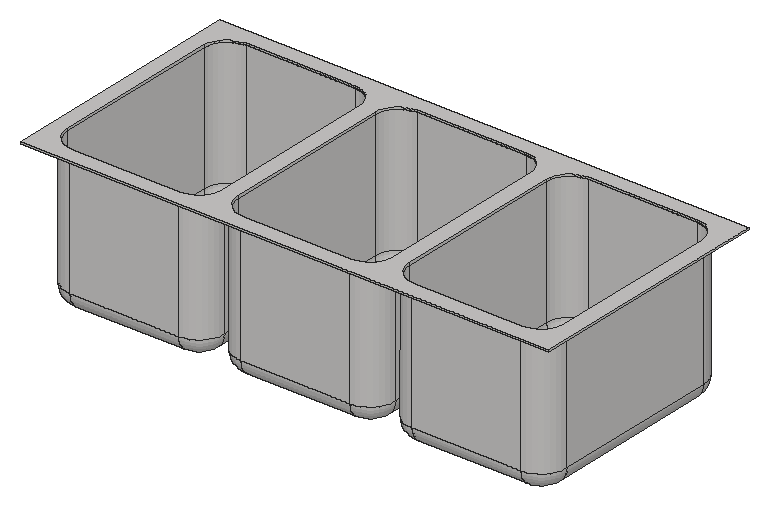
Revit family "QF_Vollrath_10103-1", category Specialty Equipment, Revit 2016
Family settings
  Part Type = Normal
  Round Connector Dimension = Use Diameter
  OmniClass Number = 23.40.40.14.31
  OmniClass Title = Cleaning and Disposal Equipment
  Work Plane-Based = Yes
  Always vertical = Yes
  Cut with Voids When Loaded = No
  Shared = No
  Room Calculation Point = No
Parameters
  Width = 2' - 10"
  Weight in Pounds = 0
  Watermarked By = "http://revitwatermark.com"
  URL Cutsheet = ""
  Status [instance] = ""
  Specification by User [instance] = ""
  Specification by Manufacturer [instance] = ""
  Sink Width = 2' - 8"
  Sink Depth = 1' - 2"
  Sink Basin Depth = 0' - 9 1/4"
  Serial Number [instance] = ""
  Seismic Rating [instance] = ""
  SMACNA No [instance] = ""
  Revision Code [instance] = ""
  NAFEM Spec ID Number [instance] = ""
  Model = "10103-1"
  Masterspec [instance] = ""
  Manufacturer = "Vollrath"
  Item Number [instance] = "-"
  Installed By [instance] = ""
  Indirect Waste Size = 2"
  Indirect Waste Flow [instance] = 0.00 GPM
  Indirect Waste Connection Type [instance] = ""
  Indirect Waste Connection Height [instance] = 0' - 0"
  Furnished By [instance] = ""
  Foodservice Equipment Identifier [instance] = yes
  Description = "Undermount Sink"  # constant formula
  Depth = 1' - 4"
  Default Elevation = 4' - 0"
  CSI MasterFormat = ""
Reference planes (in)
  plane 1 "BACK": y = 0
  plane 2 "BOTTOM": z = 0
  plane 3 "LEFT": x = 0
  plane 4 "RIGHT": x = 34
  plane 5 "FRONT": y = -16
  plane 6: x = 17
  plane 7: y = -8
  plane 8: y = -1
  plane 9: y = -15
  plane 10: x = 1
  plane 11: x = 33
  plane 12 "Sink Bottom": z = -9.25
  plane 13: x = 6
  plane 14: x = 28
  plane 15: x = 23
  plane 16: x = 11
  plane 17: x = 12
  plane 18: x = 22
  plane 19: y = -5.6875
Forms (in)
  Extrusion 1, solid, material "QF_Finishes_Stainless Steel"
    sketch origin (0, 0, 0) x (1, 0, 0) y (0, 1, 0)
      loop
        arc (1, -13.5) -> (1.43934, -14.56066) -> (2.5, -15) r 1.5
        line (2.5, -15) -> (9.5, -15)
        arc (9.5, -15) -> (10.56066, -14.56066) -> (11, -13.5) r 1.5
        line (11, -13.5) -> (11, -2.5)
        arc (11, -2.5) -> (10.56066, -1.43934) -> (9.5, -1) r 1.5
        line (9.5, -1) -> (2.5, -1)
        arc (2.5, -1) -> (1.43934, -1.43934) -> (1, -2.5) r 1.5
        line (1, -2.5) -> (1, -13.5)
      loop
        arc (33, -2.5) -> (32.56066, -1.43934) -> (31.5, -1) r 1.5
        line (31.5, -1) -> (24.5, -1)
        arc (24.5, -1) -> (23.43934, -1.43934) -> (23, -2.5) r 1.5
        line (23, -2.5) -> (23, -13.5)
        arc (23, -13.5) -> (23.43934, -14.56066) -> (24.5, -15) r 1.5
        line (24.5, -15) -> (31.5, -15)
        arc (31.5, -15) -> (32.56066, -14.56066) -> (33, -13.5) r 1.5
        line (33, -13.5) -> (33, -2.5)
      loop
        line (0, -16) -> (34, -16) -> (34, 0) -> (0, 0) -> (0, -16)
      loop
        arc (22, -2.5) -> (21.56066, -1.43934) -> (20.5, -1) r 1.5
        line (20.5, -1) -> (13.5, -1)
        arc (13.5, -1) -> (12.43934, -1.43934) -> (12, -2.5) r 1.5
        line (12, -2.5) -> (12, -13.5)
        arc (12, -13.5) -> (12.43934, -14.56066) -> (13.5, -15) r 1.5
        line (13.5, -15) -> (20.5, -15)
        arc (20.5, -15) -> (21.56066, -14.56066) -> (22, -13.5) r 1.5
        line (22, -13.5) -> (22, -2.5)
    from 0 to 0.125
  Sweep 2, solid, material "QF_Finishes_Stainless Steel"
    path in 3D
      loop
        arc (9.5, -1, 0.125) -> (10.56066, -1.43934, 0.125) -> (11, -2.5, 0.125) r 1.5
        line (11, -2.5, 0.125) -> (11, -13.5, 0.125)
        arc (11, -13.5, 0.125) -> (10.56066, -14.56066, 0.125) -> (9.5, -15, 0.125) r 1.5
        line (9.5, -15, 0.125) -> (2.5, -15, 0.125)
        arc (2.5, -15, 0.125) -> (1.43934, -14.56066, 0.125) -> (1, -13.5, 0.125) r 1.5
        line (1, -13.5, 0.125) -> (1, -2.5, 0.125)
        arc (1, -2.5, 0.125) -> (1.43934, -1.43934, 0.125) -> (2.5, -1, 0.125) r 1.5
        line (2.5, -1, 0.125) -> (9.5, -1, 0.125)
    profile origin (6, -1, 0.125) x (0, 1, 0) y (0, 0, 1)
      loop
        line (0.125, -0.125) -> (0, -0.125) -> (0, -8.25)
        arc (0, -8.25) -> (-0.29289, -8.95711) -> (-1, -9.25) r 1
        line (-1, -9.25) -> (-1, -9.375)
        arc (-1, -9.375) -> (-0.2045, -9.0455) -> (0.125, -8.25) r 1.125
        line (0.125, -8.25) -> (0.125, -0.125)
  Sweep 3, solid, material "QF_Finishes_Stainless Steel"
    path in 3D
      loop
        arc (20.5, -1, 0.125) -> (21.56066, -1.43934, 0.125) -> (22, -2.5, 0.125) r 1.5
        line (22, -2.5, 0.125) -> (22, -13.5, 0.125)
        arc (22, -13.5, 0.125) -> (21.56066, -14.56066, 0.125) -> (20.5, -15, 0.125) r 1.5
        line (20.5, -15, 0.125) -> (13.5, -15, 0.125)
        arc (13.5, -15, 0.125) -> (12.43934, -14.56066, 0.125) -> (12, -13.5, 0.125) r 1.5
        line (12, -13.5, 0.125) -> (12, -2.5, 0.125)
        arc (12, -2.5, 0.125) -> (12.43934, -1.43934, 0.125) -> (13.5, -1, 0.125) r 1.5
        line (13.5, -1, 0.125) -> (20.5, -1, 0.125)
    profile origin (17, -1, 0.125) x (0, 1, 0) y (0, 0, 1)
      loop
        line (0.125, -0.125) -> (0, -0.125) -> (0, -8.25)
        arc (0, -8.25) -> (-0.29289, -8.95711) -> (-1, -9.25) r 1
        line (-1, -9.25) -> (-1, -9.375)
        arc (-1, -9.375) -> (-0.2045, -9.0455) -> (0.125, -8.25) r 1.125
        line (0.125, -8.25) -> (0.125, -0.125)
  Sweep 4, solid, material "QF_Finishes_Stainless Steel"
    path in 3D
      loop
        arc (31.5, -1, 0.125) -> (32.56066, -1.43934, 0.125) -> (33, -2.5, 0.125) r 1.5
        line (33, -2.5, 0.125) -> (33, -13.5, 0.125)
        arc (33, -13.5, 0.125) -> (32.56066, -14.56066, 0.125) -> (31.5, -15, 0.125) r 1.5
        line (31.5, -15, 0.125) -> (24.5, -15, 0.125)
        arc (24.5, -15, 0.125) -> (23.43934, -14.56066, 0.125) -> (23, -13.5, 0.125) r 1.5
        line (23, -13.5, 0.125) -> (23, -2.5, 0.125)
        arc (23, -2.5, 0.125) -> (23.43934, -1.43934, 0.125) -> (24.5, -1, 0.125) r 1.5
        line (24.5, -1, 0.125) -> (31.5, -1, 0.125)
    profile origin (28, -1, 0.125) x (0, 1, 0) y (0, 0, 1)
      loop
        line (0.125, -0.125) -> (0, -0.125) -> (0, -8.25)
        arc (0, -8.25) -> (-0.29289, -8.95711) -> (-1, -9.25) r 1
        line (-1, -9.25) -> (-1, -9.375)
        arc (-1, -9.375) -> (-0.2045, -9.0455) -> (0.125, -8.25) r 1.125
        line (0.125, -8.25) -> (0.125, -0.125)
  Extrusion 5, solid, material "QF_Finishes_Stainless Steel"
    sketch origin (0, 0, -9.25) x (-1, 0, 0) y (0, -1, 0)
      loop
        line (-9.5, 2) -> (-2.5, 2)
        arc (-2.5, 2) -> (-2.14645, 2.14645) -> (-2, 2.5) r 0.5
        line (-2, 2.5) -> (-2, 13.5)
        arc (-2, 13.5) -> (-2.14645, 13.85355) -> (-2.5, 14) r 0.5
        line (-2.5, 14) -> (-9.5, 14)
        arc (-9.5, 14) -> (-9.85355, 13.85355) -> (-10, 13.5) r 0.5
        line (-10, 13.5) -> (-10, 2.5)
        arc (-10, 2.5) -> (-9.85355, 2.14645) -> (-9.5, 2) r 0.5
      loop
        line (-13, 2.5) -> (-13, 13.5)
        arc (-13, 13.5) -> (-13.14645, 13.85355) -> (-13.5, 14) r 0.5
        line (-13.5, 14) -> (-20.5, 14)
        arc (-20.5, 14) -> (-20.85355, 13.85355) -> (-21, 13.5) r 0.5
        line (-21, 13.5) -> (-21, 2.5)
        arc (-21, 2.5) -> (-20.85355, 2.14645) -> (-20.5, 2) r 0.5
        line (-20.5, 2) -> (-13.5, 2)
        arc (-13.5, 2) -> (-13.14645, 2.14645) -> (-13, 2.5) r 0.5
      loop
        line (-24.5, 14) -> (-31.5, 14)
        arc (-31.5, 14) -> (-31.85355, 13.85355) -> (-32, 13.5) r 0.5
        line (-32, 13.5) -> (-32, 2.5)
        arc (-32, 2.5) -> (-31.85355, 2.14645) -> (-31.5, 2) r 0.5
        line (-31.5, 2) -> (-24.5, 2)
        arc (-24.5, 2) -> (-24.14645, 2.14645) -> (-24, 2.5) r 0.5
        line (-24, 2.5) -> (-24, 13.5)
        arc (-24, 13.5) -> (-24.14645, 13.85355) -> (-24.5, 14) r 0.5
      loop
        circle (-28, 5.6875) r 1.75
      loop
        circle (-17, 5.6875) r 1.75
      loop
        circle (-6, 5.6875) r 1.75
    from 0 to 0.125
Lines and regions (in)
  sketch lines
    curve 1: line (2.5, -1, 0.125) -> (9.5, -1, 0.125)
    curve 2: arc (2.5, -1, 0.125) -> (1.43934, -1.43934, 0.125) -> (1, -2.5, 0.125) r 1.5
    curve 3: line (1, -13.5, 0.125) -> (1, -2.5, 0.125)
    curve 4: arc (1, -13.5, 0.125) -> (1.43934, -14.56066, 0.125) -> (2.5, -15, 0.125) r 1.5
    curve 5: line (9.5, -15, 0.125) -> (2.5, -15, 0.125)
    curve 6: arc (9.5, -15, 0.125) -> (10.56066, -14.56066, 0.125) -> (11, -13.5, 0.125) r 1.5
    curve 7: line (11, -2.5, 0.125) -> (11, -13.5, 0.125)
    curve 8: arc (11, -2.5, 0.125) -> (10.56066, -1.43934, 0.125) -> (9.5, -1, 0.125) r 1.5
    curve 9: line (13.5, -1, 0.125) -> (20.5, -1, 0.125)
    curve 10: arc (13.5, -1, 0.125) -> (12.43934, -1.43934, 0.125) -> (12, -2.5, 0.125) r 1.5
    curve 11: line (12, -13.5, 0.125) -> (12, -2.5, 0.125)
    curve 12: arc (12, -13.5, 0.125) -> (12.43934, -14.56066, 0.125) -> (13.5, -15, 0.125) r 1.5
    curve 13: line (20.5, -15, 0.125) -> (13.5, -15, 0.125)
    curve 14: arc (20.5, -15, 0.125) -> (21.56066, -14.56066, 0.125) -> (22, -13.5, 0.125) r 1.5
    curve 15: line (22, -2.5, 0.125) -> (22, -13.5, 0.125)
    curve 16: arc (22, -2.5, 0.125) -> (21.56066, -1.43934, 0.125) -> (20.5, -1, 0.125) r 1.5
    curve 17: line (24.5, -1, 0.125) -> (31.5, -1, 0.125)
    curve 18: arc (24.5, -1, 0.125) -> (23.43934, -1.43934, 0.125) -> (23, -2.5, 0.125) r 1.5
    curve 19: line (23, -13.5, 0.125) -> (23, -2.5, 0.125)
    curve 20: arc (23, -13.5, 0.125) -> (23.43934, -14.56066, 0.125) -> (24.5, -15, 0.125) r 1.5
    curve 21: line (31.5, -15, 0.125) -> (24.5, -15, 0.125)
    curve 22: arc (31.5, -15, 0.125) -> (32.56066, -14.56066, 0.125) -> (33, -13.5, 0.125) r 1.5
    curve 23: line (33, -2.5, 0.125) -> (33, -13.5, 0.125)
    curve 24: arc (33, -2.5, 0.125) -> (32.56066, -1.43934, 0.125) -> (31.5, -1, 0.125) r 1.5
  symbolic lines
    curve 25: line (0, 0, -9.25) -> (34, 0, -9.25)
    curve 26: line (0, -16, -9.25) -> (0, 0, -9.25)
    curve 27: line (34, -16, -9.25) -> (0, -16, -9.25)
    curve 28: line (34, 0, -9.25) -> (34, -16, -9.25)
  symbolic lines, style "QF_Surface Details"
    curve 29: circle (6, -5.6875, -9.25) r 1.75 normal (0, 0, -1)
    curve 30: circle (17, -5.6875, -9.25) r 1.75 normal (0, 0, -1)
    curve 31: circle (28, -5.6875, -9.25) r 1.75 normal (0, 0, -1)
    curve 32: line (9.5, -1, -9.25) -> (2.5, -1, -9.25)
    curve 33: arc (1, -2.5, -9.25) -> (1.43934, -1.43934, -9.25) -> (2.5, -1, -9.25) r 1.5
    curve 34: line (1, -2.5, -9.25) -> (1, -13.5, -9.25)
    curve 35: arc (2.5, -15, -9.25) -> (1.43934, -14.56066, -9.25) -> (1, -13.5, -9.25) r 1.5
    curve 36: line (2.5, -15, -9.25) -> (9.5, -15, -9.25)
    curve 37: arc (11, -13.5, -9.25) -> (10.56066, -14.56066, -9.25) -> (9.5, -15, -9.25) r 1.5
    curve 38: line (11, -13.5, -9.25) -> (11, -2.5, -9.25)
    curve 39: arc (9.5, -1, -9.25) -> (10.56066, -1.43934, -9.25) -> (11, -2.5, -9.25) r 1.5
    curve 40: arc (12, -2.5, -9.25) -> (12.43934, -1.43934, -9.25) -> (13.5, -1, -9.25) r 1.5
    curve 41: line (20.5, -1, -9.25) -> (13.5, -1, -9.25)
    curve 42: line (12, -2.5, -9.25) -> (12, -13.5, -9.25)
    curve 43: arc (13.5, -15, -9.25) -> (12.43934, -14.56066, -9.25) -> (12, -13.5, -9.25) r 1.5
    curve 44: line (13.5, -15, -9.25) -> (20.5, -15, -9.25)
    curve 45: arc (22, -13.5, -9.25) -> (21.56066, -14.56066, -9.25) -> (20.5, -15, -9.25) r 1.5
    curve 46: line (22, -13.5, -9.25) -> (22, -2.5, -9.25)
    curve 47: arc (20.5, -1, -9.25) -> (21.56066, -1.43934, -9.25) -> (22, -2.5, -9.25) r 1.5
    curve 48: arc (23, -2.5, -9.25) -> (23.43934, -1.43934, -9.25) -> (24.5, -1, -9.25) r 1.5
    curve 49: line (31.5, -1, -9.25) -> (24.5, -1, -9.25)
    curve 50: line (23, -2.5, -9.25) -> (23, -13.5, -9.25)
    curve 51: arc (24.5, -15, -9.25) -> (23.43934, -14.56066, -9.25) -> (23, -13.5, -9.25) r 1.5
    curve 52: line (24.5, -15, -9.25) -> (31.5, -15, -9.25)
    curve 53: arc (33, -13.5, -9.25) -> (32.56066, -14.56066, -9.25) -> (31.5, -15, -9.25) r 1.5
    curve 54: line (33, -13.5, -9.25) -> (33, -2.5, -9.25)
    curve 55: arc (31.5, -1, -9.25) -> (32.56066, -1.43934, -9.25) -> (33, -2.5, -9.25) r 1.5
Dimensions and locks (in)
  "Width": plane 3 "LEFT" to plane 4 "RIGHT"
  "Depth": plane 5 "FRONT" to plane 1 "BACK"
  "Sink Depth": plane 8 to plane 9
  equal spacing: plane 3 "LEFT", plane 6, plane 4 "RIGHT"
  equal spacing: plane 10, plane 6, plane 11
  "Sink Width": plane 10 to plane 11
  "Sink Basin Depth": level to plane 12 "Sink Bottom"
  equal spacing: plane 8, plane 7, plane 9
  plane 1 "BACK" to plane 8 = 0' - 1"
  plane 9 to plane 5 "FRONT" = 0' - 1"
  locked: plane 3 "LEFT" to plane 10 at 1
  plane 11 to plane 4 "RIGHT" = 0' - 1"
  equal spacing: plane 15, plane 14, plane 11
  equal spacing: plane 10, plane 13, plane 16
  equal spacing: plane 17, plane 6, plane 18
  plane 16 to plane 17 = 0' - 1"
  plane 18 to plane 15 = 0' - 1"
  plane 8 to plane 19 = 0' - 4 11/16"
  aligned and locked: level to plane 2 "BOTTOM"
  aligned and locked: Extrusion 1 sketch curve to plane 3 "LEFT"
  aligned and locked: plane 5 "FRONT" to Extrusion 1 sketch curve
  aligned and locked: plane 4 "RIGHT" to Extrusion 1 sketch curve
  aligned and locked: Extrusion 1 sketch curve to plane 1 "BACK"
  aligned and locked: Extrusion 5 sketch curve to Sweep 2  (x4)
  aligned and locked: Extrusion 5 sketch curve to Sweep 3  (x4)
  aligned and locked: Extrusion 5 sketch curve to Sweep 4  (x4)
Automatic sketch dimensions
  Extrusion 1 sketch curve to plane 9 = 0' - 0"  (x3)
  Extrusion 1 sketch curve to plane 8 = 0' - 0"  (x3)
  Extrusion 1 sketch curve to Extrusion 1 sketch curve = 0' - 1 1/2"  (x5)
  plane 10 to Extrusion 1 sketch curve = 0' - 1 1/2"
  Extrusion 1 sketch curve to plane 8 = 0' - 1 1/2"  (x4)
  Extrusion 1 sketch curve to Extrusion 1 sketch curve = 0' - 7"
  Extrusion 1 sketch curve to Extrusion 1 sketch curve = 0' - 1"  (x2)
  plane 6 to Extrusion 1 sketch curve = 0' - 3 1/2"  (x2)
  Extrusion 1 sketch curve to plane 11 = 0' - 1 1/2"
  Extrusion 1 sketch curve to plane 10 = 0' - 0"
  Extrusion 1 sketch curve to plane 11 = 0' - 0"
  Sweep 2 sketch curve to Sweep 2 sketch curve = 0' - 0"  (x2)
  Sweep 2 sketch curve to profile plane = 0' - 0"
  profile plane to Sweep 2 sketch curve = 0' - 1"
  Sweep 2 sketch curve to Sweep 2 sketch curve = 0' - 0 1/8"
  Sweep 2 sketch curve to profile plane = 0' - 0 1/8"
  Sweep 2 sketch curve to Sweep 2 sketch curve = 0' - 8 1/8"
  Sweep 3 sketch curve to Sweep 3 sketch curve = 0' - 0"
  Sweep 3 sketch curve to profile plane = 0' - 0"
  profile plane to Sweep 3 sketch curve = 0' - 1"
  Sweep 3 sketch curve to Sweep 3 sketch curve = 0' - 0 1/8"
  Sweep 3 sketch curve to profile plane = 0' - 9 3/8"
  Sweep 3 sketch curve to profile plane = 0' - 0 1/8"
  Sweep 4 sketch curve to Sweep 4 sketch curve = 0' - 0"
  Sweep 4 sketch curve to profile plane = 0' - 0"
  profile plane to Sweep 4 sketch curve = 0' - 1"
  Sweep 4 sketch curve to Sweep 4 sketch curve = 0' - 0 1/8"
  Sweep 4 sketch curve to profile plane = 0' - 9 3/8"
  Sweep 4 sketch curve to profile plane = 0' - 0 1/8"
  plane 7 to Extrusion 5 sketch curve = 0' - 2 5/16"  (x3)
  Extrusion 5 sketch curve to plane 14 = 0' - 0"
  Extrusion 5 sketch curve to plane 6 = 0' - 0"
  Extrusion 5 sketch curve to plane 13 = 0' - 0"
  Extrusion 5 sketch curve to Extrusion 5 sketch curve = 0' - 0 1/2"  (x12)
  plane 1 "BACK" to curve 25 = 0' - 0"
  curve 25 to plane 4 "RIGHT" = 0' - 0"
  curve 31 to plane 14 = 0' - 0"
  curve 30 to plane 6 = 0' - 0"
  curve 29 to plane 13 = 0' - 0"
  curve 26 to plane 3 "LEFT" = 0' - 0"
  curve 31 to plane 19 = 0' - 0"
  curve 29 to plane 19 = 0' - 0"
  curve 30 to plane 19 = 0' - 0"
  plane 5 "FRONT" to curve 27 = 0' - 0"
  curve 32 to plane 8 = 0' - 0"
  curve 33 to plane 10 = 0' - 0"
  curve 33 to plane 8 = 0' - 1 1/2"
  plane 9 to curve 34 = 0' - 1 1/2"
  curve 35 to plane 9 = 0' - 0"
  curve 36 to plane 16 = 0' - 1 1/2"
  curve 37 to plane 16 = 0' - 0"
  curve 38 to plane 8 = 0' - 1 1/2"
  curve 41 to plane 8 = 0' - 0"
  curve 40 to plane 17 = 0' - 0"
  plane 17 to curve 40 = 0' - 1 1/2"
  curve 37 to curve 42 = 0' - 0"
  curve 43 to plane 9 = 0' - 0"
  curve 44 to plane 18 = 0' - 1 1/2"
  curve 45 to plane 18 = 0' - 0"
  curve 46 to plane 8 = 0' - 1 1/2"
  curve 49 to plane 8 = 0' - 0"
  curve 48 to plane 15 = 0' - 0"
  plane 15 to curve 49 = 0' - 1 1/2"
  curve 45 to curve 50 = 0' - 0"
  curve 51 to plane 9 = 0' - 0"
  curve 52 to plane 11 = 0' - 1 1/2"
  curve 53 to plane 11 = 0' - 0"
  curve 54 to plane 8 = 0' - 1 1/2"
  radius of Extrusion 5 sketch curve = 0' - 1 3/4"  (x3)
  radius of curve 29 = 0' - 1 3/4"
  radius of curve 30 = 0' - 1 3/4"
  radius of curve 31 = 0' - 1 3/4"
Connectors (in)
  piping at (6, -5.6875, -9.25), diameter 2, driven by "Indirect Waste Flow"
    settings: on Extrusion 5, index 1, connector inside diameter 2", connector length 0' - 0", flow factor 0, pipe flow 0.00 GPM, pressure drop 0.00 psi, fitting loss kfactor 0, connector angle 0.00°, fixture units 0, engagement length 0' - 0", angle of deflection 0.00°, flow configuration 1, flow direction 2, fitting loss method 0, system type 16, joint type 0, gender type 0, connector reference index -1, connector utility 0, adjustable connector no, is connector primary yes, connector description "IW"
  piping at (17, -5.6875, -9.25), diameter 2, driven by "Indirect Waste Flow"
    settings: on Extrusion 5, index 2, connector inside diameter 2", connector length 0' - 0", flow factor 0, pipe flow 0.00 GPM, pressure drop 0.00 psi, fitting loss kfactor 0, connector angle 0.00°, fixture units 0, engagement length 0' - 0", angle of deflection 0.00°, flow configuration 1, flow direction 2, fitting loss method 0, system type 16, joint type 0, gender type 0, connector reference index -1, connector utility 0, adjustable connector no, is connector primary no, connector description "IW"
  piping at (28, -5.6875, -9.25), diameter 2, driven by "Indirect Waste Flow"
    settings: on Extrusion 5, index 3, connector inside diameter 2", connector length 0' - 0", flow factor 0, pipe flow 0.00 GPM, pressure drop 0.00 psi, fitting loss kfactor 0, connector angle 0.00°, fixture units 0, engagement length 0' - 0", angle of deflection 0.00°, flow configuration 1, flow direction 2, fitting loss method 0, system type 16, joint type 0, gender type 0, connector reference index -1, connector utility 0, adjustable connector no, is connector primary no, connector description "IW"
